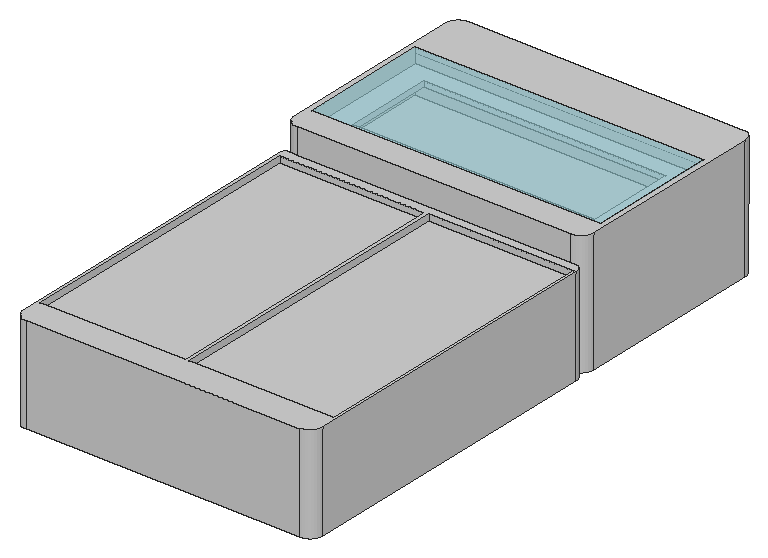
Revit family "Building-IEC309Boards-GEWISS-68QDIN-DISTRIBUTION-BOARD-10MOD_2SOCKET-OUTLETS_IB_VERT", category Apparecchi elettrici, host Superficie, Revit 2019
Family settings
  Host = Superficie
  Mantenere orientamento annotazione = Sì
  Quota connettore circolare = Usa diametro
  Tipo di parte = Normale
  Taglio con vuoti quando caricato = No
  Condiviso = No
  Punto di calcolo locali = Sì
Parameters (values of type "GW68025N - Q-DIN 10M.2 FLANGES S.O.BL.VR.SBF IP65")
  visibilita posizionamento 2d [instance] = yes
  simbolo 2d [instance] = yes
  oggetto in pianta [instance] = not(visibilita posizionamento 2d)  # no
  distanza_simbolo [instance] = 0.1 mm
  dist_barra din = 18 mm
  bordo acceso [instance] = yes
  Working temperature = "-25 ÷ +40 °C"
  Visibilità sportello [instance] = yes
  Version type = "Empty"
  Version file RFA = "21.5"
  VETRO = Vetro
  URL = "https://www.gewiss.com/ww/en"
  Thermo-pressure with ball = "70 °C"
  Technical sheet = "https://www.gewiss.com/ww/en/search?q=GW68025N"
  Spostamento_effettivo_S [instance] = 4000 mm - Spostamento_S  # 3000 mm
  Spostamento_S = 1000 mm
  Simbolo_quadro [instance] = not(simbolo 2d)  # no
  Shock resistance = "IK08"
  STRUTTURA ALTA = Poche
  STRUTTURA = RAL - 7035
  SEO = "Board"
  Realized by GEWISS S.p.A. = ""
  Default Elevation = 1219.2 mm
  Produttore = "GEWISS S.p.A."
  PRESA = rosso
  POMELLO = bianco
  Operating temperature: = "-25 +40 °C"
  No. of provided blank lids = "1 IB 16/32A"
  No. of modules EN 50022 = "10"
  No. of blank lids supplied = "1 IB 16/32A"
  No. IB socket-outlets houseable = "2 IB Vert. 16-32A IP67"
  Modello = "GW68025N"
  L_Moduli = 10 mm * 19  # 190 mm
  Insulation class = "II"
  Installation type = "Surface-mounting"
  Immagine tipo = GW68025N.jpg
  IP degree = "IP65"
  IDT = "0e75038c-3d4e-49ed-b410-1e2ae7ccf8d5"
  IDF = "8d8d5ddc-ceb7-4ae3-b9f4-e87bff064777"
  Houseable socket = "2 IB Vert. 16-32A IP67"
  Houseable interloc. socket. = "2 IB Vert. 16-32A IP67"
  Glow Wire Test = "650°C"
  Electrocod = "2242"
  EAN code = "8011564750456"
  Dispersible power B (W) = "42"
  Dispersible power A (W) = "16"
  Descrizione = "Q-DIN 10M.2 FLANGES S.O.BL.VR.SBF IP65"
  Colour = "Grey RAL 7035"
  Catalogue Range = "68 QDIN"
  Catalogue = "BUILDING"
  COBie.Tagnumber = ""
  COBie.CreatedOn = ""
  COBie.CreatebBy = ""
  COBie.ComponentRegisterItemID = ""
  COBie.Component.TagNumber = ""
  COBie.Component.Space = ""
  COBie.Component.SerialNumber = ""
  COBie.Component.InstallationDate = ""
  COBie.Component.Description = ""
  COBie.Component.BarCode = ""
  Accordance with Standards = "EN 60208 - EN 60670-1 - IEC 60670-24"
Reference planes
  plane 1 "Centro (Fronte/Retro)": y = 0
  plane 2: z = 0
  plane 3 "Centro (Sinistra/Destra)": x = 0
  plane 4: x = -3000
  plane 5: x = 0
Forms (mm)
  Extrusion 1, solid, material "RAL - 7035" <- "STRUTTURA", detail levels coarse
    sketch origin (0, 0, 0) x (0, 1, 0) y (0, 0, 1)
      loop
        line (0, 96) -> (0, 0) -> (429, 0) -> (429, 96) -> (0, 96)
    from -117.5 to 117.5
Lines and regions (mm)
  Masking region 1, visible <- "visibilita posizionamento 2d"
    outline origin (0, 0, 0) x (1, 0, 0) y (0, 0, 1)
      loop
        line (-117.5, 0) -> (117.5, 0) -> (117.5, 96) -> (-117.5, 96) -> (-117.5, 0)
Dimensions and locks
  plane 4 to plane 3 "Centro (Sinistra/Destra)" = 3000 mm
  "Spostamento_effettivo_S": plane 4 to plane 5
  aligned and locked: plane 2 to host face
  aligned and locked: level to host face
  aligned and locked: nested 1 to plane 5
  aligned and locked: nested 3 to plane 5
  aligned and locked: Extrusion 1 sketch curve to nested 2
  aligned and locked: nested 2 to plane 5
  aligned and locked: Extrusion 1 to nested 2  (x2)
  aligned and locked: Masking region 1 to nested 2  (x2)
  aligned and locked: plane 1 "Centro (Fronte/Retro)" to nested 2
Automatic sketch dimensions
  host sketch curve to host sketch curve = 2438.4 mm  (x2)
  Extrusion 1 sketch curve to level = 0 mm
  Extrusion 1 sketch curve to plane 1 "Centro (Fronte/Retro)" = 0 mm
  Extrusion 1 sketch curve to plane 1 "Centro (Fronte/Retro)" = 429 mm
  Masking region 1 sketch curve to level = 0 mm
  Masking region 1 sketch curve to plane 3 "Centro (Sinistra/Destra)" = 117.5 mm
  plane 3 "Centro (Sinistra/Destra)" to Masking region 1 sketch curve = 117.5 mm
  Masking region 1 sketch curve to Masking region 1 sketch curve = 96 mm
Nested families
  nested 1: "CENTRALINO" at (0, 737.795, 0), BORDO ACCESO <- "bordo acceso", SIMBOLO ACCESO <- "simbolo 2d", Distanza dal muro <- "distanza_simbolo", visible <- "simbolo 2d", type "CENTRALINO"
    with SIMBOLO ACCESO yes, Distanza dal muro 0.1 mm, BORDO ACCESO yes
  nested 2: "bae_____68QDIN10 QUADRO DISTRIBUZ X 2 PRESE IND VERT" at (0, 266, 0), visible <- "Visibilità sportello", type "bae_____68QDIN10 QUADRO DISTRIBUZ X 2 PRESE IND VERT", detail levels medium+fine
  nested 3: "simb_CENTRALINO_BASE_cad pro" at (0, 737.795, 0), Distanza dal muro <- "distanza_simbolo", visible <- "Simbolo_quadro", SIMBOLO ACCESO <- "Simbolo_quadro", type "simb_CENTRALINO_BASE_cad pro"
    with SIMBOLO ACCESO no, Distanza dal muro 0.1 mm, BORDO ACCESO yes
Definition of nested family "bae_____68QDIN10 QUADRO DISTRIBUZ X 2 PRESE IND VERT"
  Parameters (values of type "bae_____68QDIN10 QUADRO DISTRIBUZ X 2 PRESE IND VERT")
    visibilita sportello [instance] = yes
    n_moduli = 105 mm
    h_moduli = 70 mm
    distanza_barra din = 18 mm
    Vetro = none
    Struttura = none
    Spessore = 96 mm
    Default Elevation = 14 mm
    Presa = none
    Larghezza = 235 mm
    IFC.TypeObject = ""
    IFC.ExportType = ""
    IFC.ExportAs = ""
    H_da terra = 589.057 mm
    COBie.CreatedOn = ""
    COBie.CreatebBy = ""
    COBie.ComponentRegisterItemID = ""
    COBie.Component.TagNumber = ""
    COBie.Component.Space = ""
    COBie.Component.SerialNumber = ""
    COBie.Component.InstallationDate = ""
    COBie.Component.Description = ""
    COBie.Component.BarCode = ""
    Altezza scatole = 350 mm
    Altezza quadro = 150 mm
    Altezza = 258 mm
  Reference planes
    plane 1 "Centro (Fronte/Retro)": y = 0
    plane 2: z = 0
    plane 3 "Centro (Sinistra/Destra)": x = 0
    plane 4: z = 62.089
    plane 5: z = 103.126
    plane 6: z = 76.196
    plane 7: x = -117.5
    plane 8: x = 117.5
    plane 9: x = -113.5
    plane 10: x = 113.5
    plane 11: y = 123.21
    plane 12: y = 21.246
    plane 13: y = 0
    plane 14: y = -242.621
    plane 15: y = -242.621
    plane 16: y = -7.3
    plane 17: y = -266
    plane 18: y = 168
    plane 19: z = 71.196
    plane 20: y = 109
    plane 21: y = 39
    plane 22: x = -52.5
    plane 23: x = 52.5
    plane 24: z = 92.059
    plane 25: z = 96
    plane 26 "posizionamento moduli": z = 84.734
    plane 27: z = 80.558
    plane 28: x = -115.4
    plane 29: x = 115.4
    plane 30: x = -1.3
    plane 31: x = 1.3
    plane 32 "centro per modulare": z = 80.089
  Forms (mm)
    Extrusion 1, solid, material <- "Struttura"
      sketch origin (0, -857.311, 0) x (1, 0, 0) y (0, 1, 0)
        loop
          arc (-107.5, 1025.311) -> (-114.571, 1022.382) -> (-117.5, 1015.311) r 10
          line (-117.5, 1015.311) -> (-117.5, 867.311)
          arc (-117.5, 867.311) -> (-114.571, 860.24) -> (-107.5, 857.311) r 10
          line (-107.5, 857.311) -> (107.5, 857.311)
          arc (107.5, 857.311) -> (114.571, 860.24) -> (117.5, 867.311) r 10
          line (117.5, 867.311) -> (117.5, 1015.311)
          arc (117.5, 1015.311) -> (114.571, 1022.382) -> (107.5, 1025.311) r 10
          line (107.5, 1025.311) -> (-107.5, 1025.311)
      from 0 to 96
    Extrusion 2, solid, material <- "Struttura"
      sketch origin (0, -857.311, 0) x (1, 0, 0) y (0, 1, 0)
        loop
          line (109.95, 857.311) -> (-113.88, 857.311)
          arc (-113.88, 857.311) -> (-116.44, 856.251) -> (-117.5, 853.691) r 3.62
          line (-117.5, 853.691) -> (-117.5, 601.311)
          arc (-117.5, 601.311) -> (-114.571, 594.24) -> (-107.5, 591.311) r 10
          line (-107.5, 591.311) -> (107.5, 591.311)
          arc (107.5, 591.311) -> (114.571, 594.24) -> (117.5, 601.311) r 10
          line (117.5, 601.311) -> (117.5, 849.76)
          arc (117.5, 849.76) -> (115.289, 855.099) -> (109.95, 857.311) r 7.55
      from 0 to 76.196
    Extrusion 3, void
      sketch origin (0, -857.311, 0) x (1, 0, 0) y (0, 1, 0)
        loop
          line (-113.5, 980.52) -> (-113.5, 878.557) -> (113.5, 878.557) -> (113.5, 980.52) -> (-113.5, 980.52)
      from 62.089 to 96
    Extrusion 4, solid, material <- "Vetro", visible <- "visibilita sportello", detail levels fine
      sketch origin (0, -857.311, 0) x (1, 0, 0) y (0, 1, 0)
        loop
          line (-113.5, 980.52) -> (-113.5, 878.557) -> (113.5, 878.557) -> (113.5, 980.52) -> (-113.5, 980.52)
      from 92.059 to 96
    Extrusion 5, void
      sketch origin (0, -857.311, 0) x (1, 0, 0) y (0, 1, 0)
        loop
          line (-115.4, 850.011) -> (-115.4, 614.689) -> (-1.3, 614.689) -> (-1.3, 850.011) -> (-115.4, 850.011)
      from 71.196 to 76.196
    Extrusion 6, void
      sketch origin (0, 0, 0) x (1, 0, 0) y (0, 1, 0)
        loop
          line (-52.5, 39) -> (52.5, 39) -> (52.5, 109) -> (-52.5, 109) -> (-52.5, 39)
      from 80.558 to 84.734
    Extrusion 7, solid
      sketch origin (0, 0, 0) x (1, 0, 0) y (0, 1, 0)
        loop
          line (-113.5, 123.21) -> (-113.5, 21.246) -> (113.5, 21.246) -> (113.5, 123.21) -> (-113.5, 123.21)
      from 80.558 to 84.734
    Extrusion 8, void
      sketch origin (0, -857.311, 0) x (-1, 0, 0) y (0, -1, 0)
        loop
          line (-115.4, -850.011) -> (-1.3, -850.011) -> (-1.3, -614.689) -> (-115.4, -614.689) -> (-115.4, -850.011)
      from 71.196 to 76.196
  Cuts and joins
    Extrusion 3 cuts Extrusion 1
    Extrusion 5, Extrusion 8 cuts Extrusion 2
    Extrusion 6 cuts Extrusion 7
    Extrusion 6 cuts Extrusion 4
  Lines and regions (mm)
    model lines
      curve 1: line (-52.5, 74, 80.089) -> (52.5, 74, 80.089)
  Dimensions and locks
    locked: plane 4 to plane 5 at 41.036
    locked: plane 7 to plane 9 at 4
    locked: plane 10 to plane 8 at 4
    equal spacing: plane 7, plane 3 "Centro (Sinistra/Destra)", plane 8
    "Larghezza": plane 7 to plane 8
    locked: plane 13 to plane 16 at 7.3
    plane 1 "Centro (Fronte/Retro)" to plane 18 = 168 mm
    plane 17 to plane 13 = 266 mm
    plane 12 to plane 1 "Centro (Fronte/Retro)" = 21.246 mm
    plane 11 to plane 18 = 44.79 mm
    locked: plane 6 to plane 19 at 5
    locked: plane 18 to plane 20 at 59
    "h_moduli": plane 20 to plane 21
    equal spacing: plane 22, plane 3 "Centro (Sinistra/Destra)", plane 23
    "n_moduli": plane 22 to plane 23
    locked: plane 25 to plane 24 at 3.941
    plane 6 to plane 2 = 76.196 mm
    locked: plane 24 to plane 26 "posizionamento moduli" at 7.325
    locked: plane 26 "posizionamento moduli" to plane 27 at 4.176
    plane 20 to plane 21 = 70 mm
    plane 16 to plane 15 = 235.321 mm
    plane 7 to plane 28 = 2.1 mm
    plane 29 to plane 8 = 2.1 mm
    locked: plane 30 to plane 3 "Centro (Sinistra/Destra)" at 1.3
    locked: plane 3 "Centro (Sinistra/Destra)" to plane 31 at 1.3
    "distanza_barra din": plane 32 "centro per modulare" to plane 4
    radius of Extrusion 2 sketch curve = 10 mm  (x2)
    radius of Extrusion 2 sketch curve = 3.62 mm
    radius of Extrusion 2 sketch curve = 7.55 mm
    radius of Extrusion 1 sketch curve = 10 mm  (x4)
    aligned and locked: level to plane 2
    aligned and locked: cut or joined group of Extrusion 1, Extrusion 3 to plane 4  (x2)
    aligned and locked: Extrusion 2 to plane 6
    aligned and locked: plane 7 to Extrusion 2 sketch curve
    aligned and locked: plane 8 to Extrusion 2 sketch curve
    aligned and locked: plane 8 to Extrusion 1 sketch curve
    aligned and locked: plane 7 to Extrusion 1 sketch curve
    aligned and locked: Extrusion 4 sketch curve to plane 9
    aligned and locked: Extrusion 4 sketch curve to plane 10
    aligned and locked: Extrusion 3 sketch curve to plane 9
    aligned and locked: Extrusion 3 sketch curve to plane 10
    aligned and locked: Extrusion 4 sketch curve to plane 11
    aligned and locked: plane 12 to Extrusion 4 sketch curve
    aligned and locked: Extrusion 3 sketch curve to plane 11
    aligned and locked: plane 12 to Extrusion 3 sketch curve
    aligned and locked: plane 13 to Extrusion 1 sketch curve
    aligned and locked: Extrusion 2 sketch curve to plane 13
    aligned and locked: plane 17 to Extrusion 2 sketch curve
    aligned and locked: plane 16 to Extrusion 5
    aligned and locked: plane 1 "Centro (Fronte/Retro)" to plane 13
    aligned and locked: plane 18 to Extrusion 1 sketch curve
    aligned and locked: Extrusion 5 to plane 19
    aligned and locked: Extrusion 5 to plane 6
    aligned and locked: Extrusion 6 sketch curve to plane 22
    aligned and locked: Extrusion 6 sketch curve to plane 20
    aligned and locked: Extrusion 6 sketch curve to plane 21
    aligned and locked: Extrusion 6 sketch curve to plane 23
    aligned and locked: plane 25 to cut or joined group of Extrusion 1, Extrusion 3
    aligned and locked: plane 26 "posizionamento moduli" to Extrusion 6
    aligned and locked: Extrusion 6 to plane 27
    aligned and locked: Extrusion 7 sketch curve to plane 11
    aligned and locked: Extrusion 7 sketch curve to plane 12
    aligned and locked: Extrusion 7 to plane 27
    aligned and locked: plane 26 "posizionamento moduli" to Extrusion 7
    aligned and locked: Extrusion 7 sketch curve to Extrusion 4  (x2)
    aligned and locked: Extrusion 5 sketch curve to plane 28
    aligned and locked: Extrusion 5 sketch curve to plane 30
    aligned and locked: Extrusion 5 sketch curve to plane 14
    aligned and locked: Extrusion 8 sketch curve to plane 29
    aligned and locked: Extrusion 8 sketch curve to plane 31
    aligned and locked: plane 16 to Extrusion 8 sketch curve
    aligned and locked: plane 15 to Extrusion 8 sketch curve
  Automatic sketch dimensions
    Extrusion 5 sketch curve to plane 16 = 0 mm
    curve 1 to plane 23 = 0 mm
    curve 1 to plane 22 = 0 mm
    curve 1 to plane 20 = 35 mm
Definition of nested family "CENTRALINO"
  Parameters (values of type "CENTRALINO")
    SIMBOLO ACCESO [instance] = yes
    Distanza dal muro [instance] = 0 mm
    BORDO ACCESO [instance] = yes
  Reference planes
    plane 1: y = 0
    plane 2: x = 0
  Dimensions and locks
    "Distanza dal muro": plane 1 to nested 1
    aligned and locked: plane 2 to nested 1
  Nested families
    nested 1: "CENTRALINO_BASE" at (0, 0, 0), BORDO ACCESO <- "BORDO ACCESO", visible <- "SIMBOLO ACCESO", type "CENTRALINO"
      with BORDO ACCESO yes
  Definition of nested family "CENTRALINO_BASE"
    Parameters (values of type "CENTRALINO")
      Distanza dal muro = 0 mm
      BORDO ACCESO [instance] = yes
    Reference planes
      plane 1: y = 0
      plane 2: x = 0
    Lines and regions (mm)
      detail lines, visible <- "BORDO ACCESO", not visible
        curve 1: line (-2.443, 10.208, 0) -> (2.057, 10.208, 0)
        curve 2: line (2.057, 10.208, 0) -> (2.057, 4.208, 0)
        curve 3: line (2.057, 4.208, 0) -> (-2.443, 4.208, 0)
        curve 4: line (-2.443, 4.208, 0) -> (-2.443, 10.208, 0)
        curve 5: line (-2.043, 9.808, 0) -> (1.657, 9.808, 0)
        curve 6: line (1.657, 9.808, 0) -> (1.657, 4.608, 0)
        curve 7: line (1.657, 4.608, 0) -> (-2.043, 4.608, 0)
        curve 8: line (-2.043, 4.608, 0) -> (-2.043, 9.808, 0)
      detail lines
        curve 9: line (0, 0.671, 0) -> (0, 0, 0)
        curve 10: line (0.659, 0.671, 0) -> (0.659, 1.33, 0)
        curve 11: line (0.659, 1.33, 0) -> (-0.659, 1.33, 0)
        curve 12: line (-0.659, 1.33, 0) -> (-0.659, 0.671, 0)
        curve 13: line (-0.659, 0.671, 0) -> (0.659, 0.671, 0)
        curve 14: line (0.497, 1.33, 0) -> (0.497, 2, 0)
        curve 15: line (0.167, 1.33, 0) -> (0.167, 2, 0)
        curve 16: line (-0.162, 1.33, 0) -> (-0.162, 2, 0)
        curve 17: line (-0.491, 1.33, 0) -> (-0.491, 2, 0)
Definition of nested family "simb_CENTRALINO_BASE_cad pro"
  Parameters (values of type "simb_CENTRALINO_BASE_cad pro")
    SIMBOLO ACCESO [instance] = yes
    Distanza dal muro [instance] = 0 mm
    BORDO ACCESO [instance] = yes
  Reference planes
    plane 1: y = 0
    plane 2: x = 0
  Dimensions and locks
    "Distanza dal muro": plane 1 to nested 1
    aligned and locked: plane 2 to nested 1
  Nested families
    nested 1: "CENTRALINO_BASE_cad pro" at (0, 0, 0), type "CENTRALINO"
  Definition of nested family "CENTRALINO_BASE_cad pro"
    Parameters (values of type "CENTRALINO")
      Distanza dal muro = 0 mm
    Reference planes
      plane 1: y = 0
      plane 2: x = 0
    Lines and regions (mm)
      detail lines
        curve 1: line (1.33, 1.33, 0) -> (2.109, 1.33, 0)
        curve 2: line (2.109, 1.33, 0) -> (2.109, 0, 0)
        curve 3: line (2.109, 0, 0) -> (1.33, 0, 0)
        curve 4: line (1.33, 0, 0) -> (-1.33, 1.33, 0)
        curve 5: line (-1.33, 1.33, 0) -> (1.33, 1.33, 0)
        curve 6: line (1.33, 1.33, 0) -> (1.33, 0, 0)
        curve 7: line (1.33, 0, 0) -> (-1.33, 0, 0)
        curve 8: line (-1.33, 0, 0) -> (-1.33, 1.33, 0)
        curve 9: line (1.461, 0.665, 0) -> (1.977, 0.665, 0)
        curve 10: line (1.719, 0.665, 0) -> (1.719, 1.01, 0)
        curve 11: arc (1.977, 0.406, 0) -> (1.719, 0.665, 0) -> (1.461, 0.406, 0) r 0.258
